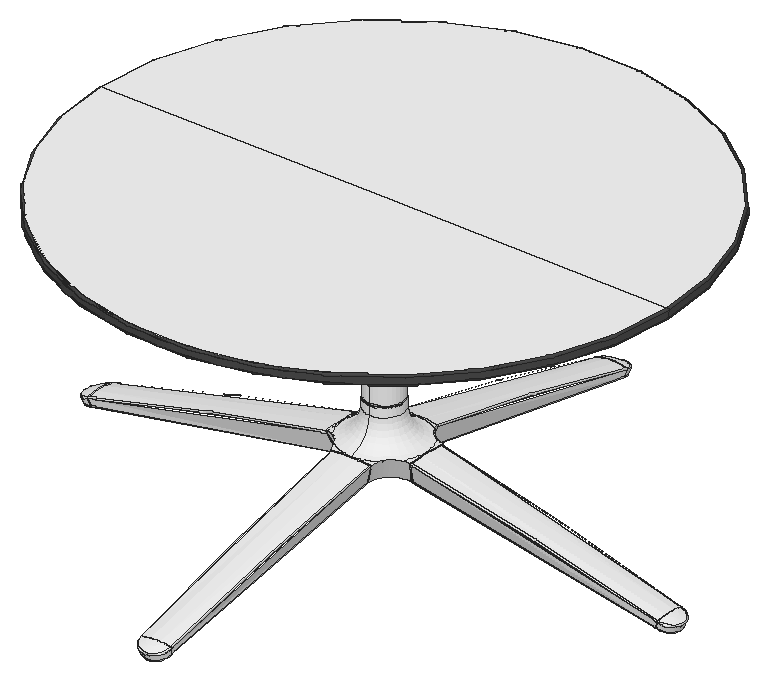
Revit family "BDG_BossDesign_Tbls_Axis1", category Furniture, Revit 2015
Parameters (values of type "800mm dia 400mm High Coffee White MFC")
  WorksurfaceArea = 0.00 m²
  WarrantyStartDate [instance] = "1900-12-31T23:59:59"
  WarrantyGuarantorParts = "sales@bossdesign.com"
  WarrantyGuarantorLabor = "sales@bossdesign.com"
  WarrantyDurationUnit = "year"
  WarrantyDurationParts = "5"
  WarrantyDurationLabor = "5"
  WarrantyDescription = "Structural Warranty Excludes Foams and Fabrics"
  Version = "1"
  Uniclass2015Version = "Products v1.6"
  Uniclass2015Reference = "Pr_40_50_21"
  Uniclass2015Description = "Desks, tables and worktops"
  Uniclass2 = "n/a"
  URL = "www.boss-design.co.uk"
  TagNumber [instance] = "n/a"
  TableTopMaterial = BDG_Generic_MFC_White
  TableEdgeMaterial = BDG_Generic_MFC_Black
  SustainabilityPerformance = "100% Recyclable"
  Style = "n/a"
  Size = "800 x 800 x 400mm"
  Shape = "Circular"
  SerialNumber [instance] = "n/a"
  Revision = "n/a"
  ReplacementCost = "n/a"
  Radius = NominalLength / 2  # 400 mm
  ProductInformation = "www.bossdesign.com/product-list/axis/"
  NumberOfChairs = 0
  NominalWidth = 800 mm
  NominalLength = 800 mm
  NominalHeight = 400 mm
  Name = "Tables_Axis_BossDesign"
  NBSTypeID = "n/a"
  NBSReference = "45-35-86/327"
  NBSOfficeMasterTag = "n/a"
  NBSDescription = "Tables"
  ModelReference = "White MFC Axis 400mm High 800mm dia Table"
  ModelNumber = "AXT1"
  Model = ModelNumber  # "AXT1"
  Material = "Aluminium"
  ManufacturerURL = "www.boss-design.co.uk"
  ManufacturerName = "Boss Design"
  Manufacturer = "sales@bossdesign.com"
  MainColor = Color  # "n/a"
  Keynote = Uniclass2015Reference  # "Pr_40_50_21"
  InstallationDate [instance] = "1900-12-31T23:59:59"
  IfcExportType = "TABLE"
  IfcExportAs = "IfcFurnishingElementType"
  Grade = "n/a"
  Finish = "White MFC"
  Features = "Melamine Top"
  ExpectedLife = "5"
  DurationUnit = "year"
  Description = ModelReference  # "White MFC Axis 400mm High 800mm dia Table"
  ContactTelephoneNumber = "+44 (0) 1384 455570"  # constant formula
  Constituents = "n/a"
  Color = "n/a"
  CodePerformance = "ANSI BIFMA X5.1"
  Category = "Pr_40_50_21 Desks, tables and worktops"
  BarCode [instance] = "n/a"
  BIMObjectName = "BDG_BossDesign_Tables_Axis"
  Author = "BIMBox"  # constant formula
  AssetType = "Moveable"
  AssetIdentifier [instance] = "n/a"
  Assembly Code = "E2020200"
  AccessibilityPerformance = "n/a"
Types (11, lengths in mm): name | TableTopMaterial | TableEdgeMaterial | Size | Radius | NominalWidth | NominalLength | NominalHeight | ModelReference | ModelNumber | Model | Finish | Features | Description
  (no name) | BDG_Generic_MFC_White | BDG_Generic_MFC_Black | "800 x 800 x 400mm" | 400 | 800 | 800 | 400 | "White MFC Axis 400mm High 800mm dia Table" | "AXT1" | "AXT1" | "White MFC" | "Melamine Top" | "White MFC Axis 400mm High 800mm dia Table"
  800mm dia 400mm High Coffee White MFC | BDG_Generic_MFC_White | BDG_Generic_MFC_Black | "800 x 800 x 400mm" | 400 | 800 | 800 | 400 | "White MFC Axis 400mm High 800mm dia Table" | "AXT1" | "AXT1" | "White MFC" | "Melamine Top" | "White MFC Axis 400mm High 800mm dia Table"
  800mm dia 400mm High Coffee BAW Veneer | BDG_Generic_WoodVeneer_Walnut_BlackAmerican | BDG_Generic_WoodVeneer_Walnut_BlackAmerican | "800 x 800 x 400mm" | 400 | 800 | 800 | 400 | "Black American Walnut Veneer Axis 400mm High 800mm dia Table" | "AXT2" | "AXT2" | "Black American Walnut Veneer" | "Veneer Top" | "Black American Walnut Veneer Axis 400mm High 800mm dia Table"
  800mm dia 740mm High Meeting White MFC | BDG_Generic_MFC_White | BDG_Generic_MFC_Black | "800 x 800 x 740mm" | 400 | 800 | 800 | 740 | "White MFC Axis 740mm High 800mm dia Table" | "AXT5" | "AXT5" | "White MFC" | "Melamine Top" | "White MFC Axis 740mm High 800mm dia Table"
  800mm dia 740mm High Meeting BAW Veneer | BDG_Generic_WoodVeneer_Walnut_BlackAmerican | BDG_Generic_WoodVeneer_Walnut_BlackAmerican | "800 x 800 x 740mm" | 400 | 800 | 800 | 740 | "Black American Walnut Veneer Axis 740mm High 800mm dia Table" | "AXT6" | "AXT6" | "Black American Walnut Veneer" | "Veneer Top" | "Black American Walnut Veneer Axis 740mm High 800mm dia Table"
  800mm dia 950mm High Meeting White MFC | BDG_Generic_MFC_White | BDG_Generic_MFC_Black | "800 x 800 x 950mm" | 400 | 800 | 800 | 950 | "White MFC Axis 950mm High 800mm dia Table" | "AXT7" | "AXT7" | "White MFC" | "Melamine Top" | "White MFC Axis 950mm High 800mm dia Table"
  800mm dia 950mm High Meeting BAW Veneer | BDG_Generic_WoodVeneer_Walnut_BlackAmerican | BDG_Generic_WoodVeneer_Walnut_BlackAmerican | "800 x 800 x 950mm" | 400 | 800 | 800 | 950 | "Black American Walnut Veneer Axis 950mm High 800mm dia Table" | "AXT8" | "AXT8" | "Black American Walnut Veneer" | "Veneer Top" | "Black American Walnut Veneer Axis 950mm High 800mm dia Table"
  1000mm dia 400mm High Coffee White MFC | BDG_Generic_MFC_White | BDG_Generic_MFC_Black | "1000 x 1000 x 400mm" | 500 | 1000 | 1000 | 400 | "White MFC Axis 400mm High 1000mm dia Table" | "AXT9" | "AXT9" | "White MFC" | "Melamine Top" | "White MFC Axis 400mm High 1000mm dia Table"
  1000mm dia 400mm High Coffee BAW Veneer | BDG_Generic_WoodVeneer_Walnut_BlackAmerican | BDG_Generic_WoodVeneer_Walnut_BlackAmerican | "1000 x 1000 x 400mm" | 500 | 1000 | 1000 | 400 | "Black American Walnut Veneer Axis 400mm High 1000mm dia Table" | "AXT10" | "AXT10" | "Black American Walnut Veneer" | "Veneer Top" | "Black American Walnut Veneer Axis 400mm High 1000mm dia Table"
  1000mm dia 740mm High Meeting White MFC | BDG_Generic_MFC_White | BDG_Generic_MFC_Black | "1000 x 1000 x 740mm" | 500 | 1000 | 1000 | 740 | "White MFC Axis 740mm High 1000mm dia Table" | "AXT13" | "AXT13" | "White MFC" | "Melamine Top" | "White MFC Axis 740mm High 1000mm dia Table"
  1000mm dia 740mm High Meeting BAW Veneer | BDG_Generic_WoodVeneer_Walnut_BlackAmerican | BDG_Generic_WoodVeneer_Walnut_BlackAmerican | "1000 x 1000 x 740mm" | 500 | 1000 | 1000 | 740 | "Black American Walnut Veneer Axis 740mm High 1000mm dia Table" | "AXT14" | "AXT14" | "Black American Walnut Veneer" | "Veneer Top" | "Black American Walnut Veneer Axis 740mm High 1000mm dia Table"
Reference planes
  plane 1 "Center (Front/Back)": y = 0
  plane 2: z = 0
  plane 3 "Center (Left/Right)": x = 0
  plane 4 "r": through (-399.908, -1524, 14.826) normal (0.9629, 0, 0.2699)
  plane 5: z = 400
  plane 6: z = 374.9
  plane 7: z = 368.9
  plane 8: x = 400
Forms (mm)
  Revolve 1, solid, material "BDG_Generic_MFC_White" <- "TableTopMaterial"
    sketch origin (0, 0, -100) x (1, 0, 0) y (0, 0, 1)
      loop
        line (0, 500) -> (0, 474.9) -> (350.58, 474.9) -> (398.473, 486.841)
        arc (398.473, 486.841) -> (399.573, 487.555) -> (400, 488.795) r 2.014
        line (400, 488.795) -> (400, 497.529)
        arc (400, 497.529) -> (399.276, 499.276) -> (397.529, 500) r 2.471
        line (397.529, 500) -> (0, 500)
      axis (0, 500) -> (0, 474.9)
    angle from 0 to 360
  SweptBlend 2, solid, material "BDG_Generic_Metal_Aluminium_Polished"
    path origin (0, 0, 0) x (1, 0, 0) y (0, 0, 1)
      loop
        arc (-59, 98.83) -> (-230.882, 62.538) -> (-401.026, 18.814) r 4043.755
    profile origin (-59, 0, 98.83) x (0.18529, 0, -0.982684) y (0, -1, 0)
      loop
        arc (1.344, -26.614) -> (2.026, -27.692) -> (3.299, -27.793) r 1.427
        line (3.299, -27.793) -> (32.627, -15.944)
        arc (32.627, -15.944) -> (33.264, -15.429) -> (33.503, -14.646) r 1.4
        line (33.503, -14.646) -> (33.503, 14.646)
        arc (33.503, 14.646) -> (33.264, 15.429) -> (32.627, 15.944) r 1.4
        line (32.627, 15.944) -> (3.305, 27.791)
        arc (3.305, 27.791) -> (2.028, 27.689) -> (1.343, 26.607) r 1.433
        arc (1.343, 26.607) -> (0, -0.003) -> (1.344, -26.614) r 264.136
    end profile origin (-401.026, 0, 18.814) x (0.269871, 0, -0.962897) y (0, -1, 0)
      loop
        arc (2.543, -20.143) -> (3.14, -20.972) -> (4.142, -21.174) r 1.4
        line (4.142, -21.174) -> (12.854, -19.638)
        arc (12.854, -19.638) -> (13.684, -19.159) -> (14.011, -18.259) r 1.4
        line (14.011, -18.259) -> (14.011, 18.259)
        arc (14.011, 18.259) -> (13.684, 19.159) -> (12.854, 19.638) r 1.4
        line (12.854, 19.638) -> (4.142, 21.174)
        arc (4.142, 21.174) -> (3.14, 20.972) -> (2.543, 20.143) r 1.4
        arc (2.543, 20.143) -> (-0.001, 0) -> (2.543, -20.143) r 81.023
  Revolve 3, solid, material "BDG_Generic_Metal_Aluminium_Polished"
    sketch origin (-366.93, 0, -102.839) x (-0.269871, 0, 0.962897) y (0, -1, 0)
      loop
        line (126.329, 0) -> (112.33, 0) -> (112.33, -18.259)
        arc (112.33, -18.259) -> (112.658, -19.159) -> (113.487, -19.638) r 1.4
        line (113.487, -19.638) -> (122.2, -21.174)
        arc (122.2, -21.174) -> (123.202, -20.972) -> (123.799, -20.142) r 1.4
        arc (123.799, -20.142) -> (125.694, -10.15) -> (126.329, 0) r 81.439
      axis (112.33, 0) -> (126.329, 0)
    angle from 0 to 180
  Extrusion 4, solid, material "BDG_Rubber_Black"
    sketch origin (0, 0, 0) x (1, 0, 0) y (0, 1, 0)
      loop
        circle (-404.456, 0) r 10
      loop
        circle (404.456, 0) r 10
      loop
        circle (0, 404.456) r 10
      loop
        circle (0, -404.456) r 10
    from 0 to 8.755
  SweptBlend 5, solid, material "BDG_Generic_Metal_Aluminium_Polished"
    path origin (0, 0, 0) x (-1, 0, 0) y (0, 0, 1)
      loop
        arc (-59, 98.83) -> (-230.882, 62.538) -> (-401.026, 18.814) r 4043.755
    profile origin (59, 0, 98.83) x (0.18529, 0, 0.982684) y (0, -1, 0)
      loop
        arc (-1.344, -26.614) -> (0, -0.003) -> (-1.343, 26.607) r 264.136
        arc (-1.343, 26.607) -> (-2.028, 27.689) -> (-3.305, 27.791) r 1.433
        line (-3.305, 27.791) -> (-32.627, 15.944)
        arc (-32.627, 15.944) -> (-33.264, 15.429) -> (-33.503, 14.646) r 1.4
        line (-33.503, 14.646) -> (-33.503, -14.646)
        arc (-33.503, -14.646) -> (-33.264, -15.429) -> (-32.627, -15.944) r 1.4
        line (-32.627, -15.944) -> (-3.299, -27.793)
        arc (-3.299, -27.793) -> (-2.026, -27.692) -> (-1.344, -26.614) r 1.427
    end profile origin (401.026, 0, 18.814) x (0.269871, 0, 0.962897) y (0, -1, 0)
      loop
        arc (-2.543, -20.143) -> (0.001, 0) -> (-2.543, 20.143) r 81.023
        arc (-2.543, 20.143) -> (-3.14, 20.972) -> (-4.142, 21.174) r 1.4
        line (-4.142, 21.174) -> (-12.854, 19.638)
        arc (-12.854, 19.638) -> (-13.684, 19.159) -> (-14.011, 18.259) r 1.4
        line (-14.011, 18.259) -> (-14.011, -18.259)
        arc (-14.011, -18.259) -> (-13.684, -19.159) -> (-12.854, -19.638) r 1.4
        line (-12.854, -19.638) -> (-4.142, -21.174)
        arc (-4.142, -21.174) -> (-3.14, -20.972) -> (-2.543, -20.143) r 1.4
  Revolve 6, solid, material "BDG_Generic_Metal_Aluminium_Polished"
    sketch origin (366.93, 0, -102.839) x (0.269871, 0, 0.962897) y (0, 1, 0)
      loop
        arc (126.329, 0) -> (125.694, 10.15) -> (123.799, 20.142) r 81.439
        arc (123.799, 20.142) -> (123.202, 20.972) -> (122.2, 21.174) r 1.4
        line (122.2, 21.174) -> (113.487, 19.638)
        arc (113.487, 19.638) -> (112.658, 19.159) -> (112.33, 18.259) r 1.4
        line (112.33, 18.259) -> (112.33, 0) -> (126.329, 0)
      axis (112.33, 0) -> (126.329, 0)
    angle from 0 to 180
  Revolve 7, solid, material "BDG_Generic_Metal_Aluminium_Polished"
    sketch origin (0, 0, 0) x (0, 1, 0) y (0, 0, -1)
      loop
        line (0, -368.9) -> (0, -71.231)
        arc (0, -71.231) -> (-34.497, -68.52) -> (-68.833, -64.226) r 752.411
        line (-68.833, -64.226) -> (-74.754, -95.629)
        arc (-74.754, -95.629) -> (-66.294, -97.353) -> (-57.831, -99.065) r 5694.635
        arc (-57.831, -99.065) -> (-35.226, -112.403) -> (-25.755, -136.881) r 40
        line (-25.755, -136.881) -> (-25.332, -148.989)
        arc (-25.332, -148.989) -> (-24.965, -149.708) -> (-24.179, -149.89) r 0.955
        arc (-24.179, -149.89) -> (-24.756, -150.244) -> (-24.982, -150.882) r 1.014
        line (-24.982, -150.882) -> (-24.982, -368.9) -> (0, -368.9)
      axis (0, -64.226) -> (0, -368.9)
    angle from 0 to 360
  SweptBlend 8, solid, material "BDG_Generic_Metal_Aluminium_Polished"
    path origin (0, 0, 0) x (0, 1, 0) y (0, 0, -1)
      loop
        arc (-59, -98.83) -> (-230.882, -62.538) -> (-401.026, -18.814) r 4043.755
    profile origin (0, -59, 98.83) x (0, -0.18529, 0.982684) y (-1, 0, 0)
      loop
        arc (-1.344, -26.614) -> (0, -0.003) -> (-1.343, 26.607) r 264.136
        arc (-1.343, 26.607) -> (-2.028, 27.689) -> (-3.305, 27.791) r 1.433
        line (-3.305, 27.791) -> (-32.627, 15.944)
        arc (-32.627, 15.944) -> (-33.264, 15.429) -> (-33.503, 14.646) r 1.4
        line (-33.503, 14.646) -> (-33.503, -14.646)
        arc (-33.503, -14.646) -> (-33.264, -15.429) -> (-32.627, -15.944) r 1.4
        line (-32.627, -15.944) -> (-3.299, -27.793)
        arc (-3.299, -27.793) -> (-2.026, -27.692) -> (-1.344, -26.614) r 1.427
    end profile origin (0, -401.026, 18.814) x (0, -0.269871, 0.962897) y (-1, 0, 0)
      loop
        arc (-2.543, -20.143) -> (0.001, 0) -> (-2.543, 20.143) r 81.023
        arc (-2.543, 20.143) -> (-3.14, 20.972) -> (-4.142, 21.174) r 1.4
        line (-4.142, 21.174) -> (-12.854, 19.638)
        arc (-12.854, 19.638) -> (-13.684, 19.159) -> (-14.011, 18.259) r 1.4
        line (-14.011, 18.259) -> (-14.011, -18.259)
        arc (-14.011, -18.259) -> (-13.684, -19.159) -> (-12.854, -19.638) r 1.4
        line (-12.854, -19.638) -> (-4.142, -21.174)
        arc (-4.142, -21.174) -> (-3.14, -20.972) -> (-2.543, -20.143) r 1.4
  Revolve 9, solid, material "BDG_Generic_Metal_Aluminium_Polished"
    sketch origin (0, -366.93, -102.839) x (0, -0.269871, 0.962897) y (1, 0, 0)
      loop
        arc (126.329, 0) -> (125.694, 10.15) -> (123.799, 20.142) r 81.439
        arc (123.799, 20.142) -> (123.202, 20.972) -> (122.2, 21.174) r 1.4
        line (122.2, 21.174) -> (113.487, 19.638)
        arc (113.487, 19.638) -> (112.658, 19.159) -> (112.33, 18.259) r 1.4
        line (112.33, 18.259) -> (112.33, 0) -> (126.329, 0)
      axis (112.33, 0) -> (126.329, 0)
    angle from 0 to 180
  SweptBlend 10, solid, material "BDG_Generic_Metal_Aluminium_Polished"
    path origin (0, 0, 0) x (0, -1, 0) y (0, 0, 1)
      loop
        arc (-59, 98.83) -> (-230.882, 62.538) -> (-401.026, 18.814) r 4043.755
    profile origin (0, 59, 98.83) x (0, -0.18529, -0.982684) y (-1, 0, 0)
      loop
        arc (1.344, -26.614) -> (2.026, -27.692) -> (3.299, -27.793) r 1.427
        line (3.299, -27.793) -> (32.627, -15.944)
        arc (32.627, -15.944) -> (33.264, -15.429) -> (33.503, -14.646) r 1.4
        line (33.503, -14.646) -> (33.503, 14.646)
        arc (33.503, 14.646) -> (33.264, 15.429) -> (32.627, 15.944) r 1.4
        line (32.627, 15.944) -> (3.305, 27.791)
        arc (3.305, 27.791) -> (2.028, 27.689) -> (1.343, 26.607) r 1.433
        arc (1.343, 26.607) -> (0, -0.003) -> (1.344, -26.614) r 264.136
    end profile origin (0, 401.026, 18.814) x (0, -0.269871, -0.962897) y (-1, 0, 0)
      loop
        arc (2.543, -20.143) -> (3.14, -20.972) -> (4.142, -21.174) r 1.4
        line (4.142, -21.174) -> (12.854, -19.638)
        arc (12.854, -19.638) -> (13.684, -19.159) -> (14.011, -18.259) r 1.4
        line (14.011, -18.259) -> (14.011, 18.259)
        arc (14.011, 18.259) -> (13.684, 19.159) -> (12.854, 19.638) r 1.4
        line (12.854, 19.638) -> (4.142, 21.174)
        arc (4.142, 21.174) -> (3.14, 20.972) -> (2.543, 20.143) r 1.4
        arc (2.543, 20.143) -> (-0.001, 0) -> (2.543, -20.143) r 81.023
  Revolve 11, solid, material "BDG_Generic_Metal_Aluminium_Polished"
    sketch origin (0, 366.93, -102.839) x (0, 0.269871, 0.962897) y (-1, 0, 0)
      loop
        line (126.329, 0) -> (112.33, 0) -> (112.33, -18.259)
        arc (112.33, -18.259) -> (112.658, -19.159) -> (113.487, -19.638) r 1.4
        line (113.487, -19.638) -> (122.2, -21.174)
        arc (122.2, -21.174) -> (123.202, -20.972) -> (123.799, -20.142) r 1.4
        arc (123.799, -20.142) -> (125.694, -10.15) -> (126.329, 0) r 81.439
      axis (112.33, 0) -> (126.329, 0)
    angle from 0 to 180
  Blend 12, void
    base sketch origin (0, 0, 0) x (1, 0, 0) y (0, 1, 0)
      loop
        line (-96.976, -14.325) -> (-14.325, -96.976) -> (-14.325, -47.109)
        arc (-14.325, -47.109) -> (-23.927, -23.927) -> (-47.109, -14.325) r 32.783
        line (-47.109, -14.325) -> (-96.976, -14.325)
    top sketch origin (0, 0, 0) x (1, 0, 0) y (0, 1, 0)
      loop
        line (-81.195, -30.106) -> (-30.106, -81.195) -> (-30.106, -60.607)
        arc (-30.106, -60.607) -> (-39.039, -39.039) -> (-60.607, -30.106) r 30.502
        line (-60.607, -30.106) -> (-81.195, -30.106)
    from 63.47 to 100.447
  Extrusion 13, solid
    sketch origin (0, 0, 0) x (1, 0, 0) y (0, 1, 0)
      loop
        arc (-96, 106) -> (-103.071, 103.071) -> (-106, 96) r 10
        line (-106, 96) -> (-106, -96)
        arc (-106, -96) -> (-103.071, -103.071) -> (-96, -106) r 10
        line (-96, -106) -> (96, -106)
        arc (96, -106) -> (103.071, -103.071) -> (106, -96) r 10
        line (106, -96) -> (106, 96)
        arc (106, 96) -> (103.071, 103.071) -> (96, 106) r 10
        line (96, 106) -> (-96, 106)
    from 368.9 to 374.9
  Blend 14, void
    base sketch origin (0, 0, 0) x (-1, 0, 0) y (0, -1, 0)
      loop
        line (-96.976, 14.325) -> (-47.109, 14.325)
        arc (-47.109, 14.325) -> (-23.927, 23.927) -> (-14.325, 47.109) r 32.783
        line (-14.325, 47.109) -> (-14.325, 96.976) -> (-96.976, 14.325)
    top sketch origin (0, 0, 0) x (-1, 0, 0) y (0, -1, 0)
      loop
        line (-81.195, 30.106) -> (-60.607, 30.106)
        arc (-60.607, 30.106) -> (-39.039, 39.039) -> (-30.106, 60.607) r 30.502
        line (-30.106, 60.607) -> (-30.106, 81.195) -> (-81.195, 30.106)
    from 63.47 to 100.447
  Blend 15, void
    base sketch origin (0, 0, 0) x (1, 0, 0) y (0, 1, 0)
      loop
        line (-96.976, 14.325) -> (-47.109, 14.325)
        arc (-47.109, 14.325) -> (-23.927, 23.927) -> (-14.325, 47.109) r 32.783
        line (-14.325, 47.109) -> (-14.325, 96.976) -> (-96.976, 14.325)
    top sketch origin (0, 0, 0) x (1, 0, 0) y (0, 1, 0)
      loop
        line (-81.195, 30.106) -> (-60.607, 30.106)
        arc (-60.607, 30.106) -> (-39.039, 39.039) -> (-30.106, 60.607) r 30.502
        line (-30.106, 60.607) -> (-30.106, 81.195) -> (-81.195, 30.106)
    from 63.47 to 100.447
  Blend 16, void
    base sketch origin (0, 0, 0) x (-1, 0, 0) y (0, -1, 0)
      loop
        line (-96.976, -14.325) -> (-14.325, -96.976) -> (-14.325, -47.109)
        arc (-14.325, -47.109) -> (-23.927, -23.927) -> (-47.109, -14.325) r 32.783
        line (-47.109, -14.325) -> (-96.976, -14.325)
    top sketch origin (0, 0, 0) x (-1, 0, 0) y (0, -1, 0)
      loop
        line (-81.195, -30.106) -> (-30.106, -81.195) -> (-30.106, -60.607)
        arc (-30.106, -60.607) -> (-39.039, -39.039) -> (-60.607, -30.106) r 30.502
        line (-60.607, -30.106) -> (-81.195, -30.106)
    from 63.47 to 100.447
  Extrusion 17, void
    sketch origin (0, 0, 0) x (0, 1, 0) y (0, 0, 1)
      loop
        line (60.332, 105.682) -> (51.745, 61.509) -> (72.885, 57.399) -> (81.471, 101.573) -> (60.332, 105.682)
      loop
        line (-60.332, 105.682) -> (-81.471, 101.573) -> (-72.885, 57.399) -> (-51.745, 61.509) -> (-60.332, 105.682)
    from -35.073 to 42.142
  Extrusion 18, void
    sketch origin (0, 0, 0) x (1, 0, 0) y (0, 0, -1)
      loop
        line (60.332, -105.682) -> (81.471, -101.573) -> (72.885, -57.399) -> (51.745, -61.509) -> (60.332, -105.682)
      loop
        line (-60.332, -105.682) -> (-51.745, -61.509) -> (-72.885, -57.399) -> (-81.471, -101.573) -> (-60.332, -105.682)
    from -35.073 to 40
Cuts and joins
  Blend 12, Blend 14, Blend 15, Blend 16, Extrusion 17, Extrusion 18 cuts Revolve 7
  Blend 14 cuts SweptBlend 2
  Blend 15, Extrusion 18 cuts SweptBlend 8
  Extrusion 18 cuts SweptBlend 10
Dimensions and locks
  plane 5 to plane 6 to plane 7 = 25.1 mm locked, 6 mm locked
  locked: Revolve 7 sketch curve to level at 138.277
  locked: plane 1 "Center (Front/Back)" to Revolve 7 sketch curve at 65.73
  "NominalHeight": plane 5 to level
  locked: plane 1 "Center (Front/Back)" to Revolve 7 sketch curve at 24.982
  Revolve 1 sketch curve to Revolve 1 sketch curve to Revolve 1 sketch curve to plane 8 = 46.949 mm locked, 0.457 mm locked, 2.014 mm locked
  "Radius": plane 3 "Center (Left/Right)" to plane 8
  aligned and locked: level to plane 2
  aligned and locked: Extrusion 13 to plane 6
  aligned and locked: plane 7 to Extrusion 13
  aligned and locked: Revolve 1 sketch curve to plane 8
Automatic sketch dimensions
  SweptBlend 2 sketch curve to plane 4 "r" = 0 mm
  plane 4 "r" to SweptBlend 2 sketch curve = 0 mm
  plane 3 "Center (Left/Right)" to SweptBlend 2 sketch curve = 690.265 mm
  SweptBlend 2 sketch curve to plane 3 "Center (Left/Right)" = 59 mm
  level to SweptBlend 2 sketch curve = 18.814 mm
  SweptBlend 2 sketch curve to plane 1 "Center (Front/Back)" = 0 mm  (x2)
  SweptBlend 2 sketch curve to profile plane = 2.764 mm
  SweptBlend 2 sketch curve to profile plane = 2.768 mm
  SweptBlend 2 sketch curve to SweptBlend 2 sketch curve = 0.535 mm
  SweptBlend 2 sketch curve to SweptBlend 2 sketch curve = 0.537 mm
  SweptBlend 2 sketch curve to plane 1 "Center (Front/Back)" = 14.646 mm
  SweptBlend 2 sketch curve to SweptBlend 2 sketch curve = 29.339 mm
  SweptBlend 2 sketch curve to SweptBlend 2 sketch curve = 0 mm  (x3)
  SweptBlend 2 sketch curve to plane 1 "Center (Front/Back)" = 15.944 mm
  SweptBlend 2 sketch curve to SweptBlend 2 sketch curve = 0.524 mm  (x2)
  plane 1 "Center (Front/Back)" to SweptBlend 2 sketch curve = 15.944 mm
  SweptBlend 2 sketch curve to SweptBlend 2 sketch curve = 230.633 mm
  SweptBlend 2 sketch curve to plane 1 "Center (Front/Back)" = 26.47 mm
  SweptBlend 2 sketch curve to SweptBlend 2 sketch curve = 1.323 mm
  plane 1 "Center (Front/Back)" to SweptBlend 2 sketch curve = 26.463 mm
  SweptBlend 2 sketch curve to SweptBlend 2 sketch curve = 1.328 mm
  SweptBlend 2 sketch curve to profile plane = 3.899 mm  (x2)
  SweptBlend 2 sketch curve to SweptBlend 2 sketch curve = 0.243 mm  (x4)
  SweptBlend 2 sketch curve to SweptBlend 2 sketch curve = 8.712 mm  (x2)
  SweptBlend 2 sketch curve to SweptBlend 2 sketch curve = 1.4 mm
  SweptBlend 2 sketch curve to SweptBlend 2 sketch curve = 67.011 mm
  SweptBlend 2 sketch curve to plane 1 "Center (Front/Back)" = 18.259 mm
  SweptBlend 2 sketch curve to SweptBlend 2 sketch curve = 1.536 mm  (x2)
  SweptBlend 2 sketch curve to SweptBlend 2 sketch curve = 1.379 mm  (x2)
  plane 1 "Center (Front/Back)" to SweptBlend 2 sketch curve = 18.259 mm
  plane 1 "Center (Front/Back)" to Revolve 3 sketch curve = 0 mm  (x2)
  Revolve 3 sketch curve to Revolve 3 sketch curve = 67.44 mm
  Revolve 3 sketch curve to plane 1 "Center (Front/Back)" = 19.638 mm
  Revolve 3 sketch curve to Revolve 3 sketch curve = 1.157 mm
  Revolve 3 sketch curve to Revolve 3 sketch curve = 1.4 mm
  Revolve 3 sketch curve to plane 1 "Center (Front/Back)" = 21.174 mm
  Revolve 3 sketch curve to Revolve 3 sketch curve = 8.712 mm
  Revolve 3 sketch curve to Revolve 3 sketch curve = 0.243 mm
  Revolve 3 sketch curve to Revolve 3 sketch curve = 13.999 mm
  Revolve 3 sketch curve to Revolve 3 sketch curve = 1.379 mm
  Revolve 3 sketch curve to Revolve 3 sketch curve = 3.269 mm
  Revolve 3 sketch curve to Revolve 3 sketch curve = 2.96 mm
  plane 1 "Center (Front/Back)" to Extrusion 4 sketch curve = 0 mm  (x2)
  Extrusion 4 sketch curve to plane 3 "Center (Left/Right)" = 0 mm  (x2)
  Extrusion 4 sketch curve to plane 3 "Center (Left/Right)" = 404.456 mm
  plane 3 "Center (Left/Right)" to Extrusion 4 sketch curve = 404.456 mm
  plane 1 "Center (Front/Back)" to Extrusion 4 sketch curve = 404.456 mm
  Extrusion 4 sketch curve to plane 1 "Center (Front/Back)" = 404.456 mm
  plane 3 "Center (Left/Right)" to SweptBlend 5 sketch curve = 690.265 mm
  level to SweptBlend 5 sketch curve = 3874.903 mm
  SweptBlend 5 sketch curve to plane 3 "Center (Left/Right)" = 59 mm
  SweptBlend 5 sketch curve to level = 18.814 mm
  SweptBlend 5 sketch curve to SweptBlend 5 sketch curve = 342.026 mm
  SweptBlend 5 sketch curve to plane 1 "Center (Front/Back)" = 0 mm  (x2)
  profile plane to SweptBlend 5 sketch curve = 264.136 mm
  profile plane to SweptBlend 5 sketch curve = 33.503 mm
  plane 1 "Center (Front/Back)" to SweptBlend 5 sketch curve = 15.944 mm
  SweptBlend 5 sketch curve to SweptBlend 5 sketch curve = 0.876 mm  (x2)
  SweptBlend 5 sketch curve to plane 1 "Center (Front/Back)" = 15.944 mm
  SweptBlend 5 sketch curve to SweptBlend 5 sketch curve = 1.4 mm  (x3)
  profile plane to SweptBlend 5 sketch curve = 3.305 mm
  profile plane to SweptBlend 5 sketch curve = 3.299 mm
  SweptBlend 5 sketch curve to SweptBlend 5 sketch curve = 0.537 mm
  SweptBlend 5 sketch curve to SweptBlend 5 sketch curve = 0.535 mm
  SweptBlend 5 sketch curve to plane 1 "Center (Front/Back)" = 26.47 mm
  SweptBlend 5 sketch curve to SweptBlend 5 sketch curve = 1.323 mm
  plane 1 "Center (Front/Back)" to SweptBlend 5 sketch curve = 26.463 mm
  SweptBlend 5 sketch curve to SweptBlend 5 sketch curve = 1.328 mm
  SweptBlend 5 sketch curve to SweptBlend 5 sketch curve = 0 mm  (x2)
  profile plane to SweptBlend 5 sketch curve = 81.022 mm
  profile plane to SweptBlend 5 sketch curve = 14.011 mm
  SweptBlend 5 sketch curve to SweptBlend 5 sketch curve = 1.157 mm  (x2)
  SweptBlend 5 sketch curve to SweptBlend 5 sketch curve = 0.243 mm  (x3)
  profile plane to SweptBlend 5 sketch curve = 4.142 mm  (x2)
  SweptBlend 5 sketch curve to plane 1 "Center (Front/Back)" = 18.259 mm
  SweptBlend 5 sketch curve to SweptBlend 5 sketch curve = 1.536 mm  (x2)
  SweptBlend 5 sketch curve to SweptBlend 5 sketch curve = 1.379 mm  (x2)
  plane 1 "Center (Front/Back)" to SweptBlend 5 sketch curve = 18.259 mm
  plane 1 "Center (Front/Back)" to Revolve 6 sketch curve = 0 mm  (x2)
  Revolve 6 sketch curve to Revolve 6 sketch curve = 67.44 mm
  Revolve 6 sketch curve to plane 1 "Center (Front/Back)" = 19.638 mm
  Revolve 6 sketch curve to Revolve 6 sketch curve = 1.157 mm
  Revolve 6 sketch curve to Revolve 6 sketch curve = 1.4 mm
  Revolve 6 sketch curve to plane 1 "Center (Front/Back)" = 21.174 mm
  Revolve 6 sketch curve to Revolve 6 sketch curve = 8.712 mm
  Revolve 6 sketch curve to Revolve 6 sketch curve = 0.243 mm
  Revolve 6 sketch curve to Revolve 6 sketch curve = 13.999 mm
  Revolve 6 sketch curve to Revolve 6 sketch curve = 1.379 mm
  Revolve 6 sketch curve to Revolve 6 sketch curve = 3.269 mm
  Revolve 6 sketch curve to Revolve 6 sketch curve = 2.96 mm
  Revolve 7 sketch curve to plane 1 "Center (Front/Back)" = 0 mm  (x2)
  plane 7 to Revolve 7 sketch curve = 0 mm
  plane 1 "Center (Front/Back)" to Revolve 7 sketch curve = 68.833 mm
  Revolve 7 sketch curve to Revolve 7 sketch curve = 5.921 mm
  Revolve 7 sketch curve to Revolve 7 sketch curve = 0.772 mm
  Revolve 7 sketch curve to Revolve 7 sketch curve = 0.35 mm
  Revolve 7 sketch curve to Revolve 7 sketch curve = 0.954 mm
  Revolve 7 sketch curve to Revolve 7 sketch curve = 1.014 mm
  Revolve 7 sketch curve to plane 1 "Center (Front/Back)" = 41.685 mm
  Revolve 7 sketch curve to plane 1 "Center (Front/Back)" = 1066.761 mm
  Revolve 7 sketch curve to Revolve 7 sketch curve = 12.605 mm
  Revolve 7 sketch curve to Revolve 7 sketch curve = 1.893 mm
  Revolve 7 sketch curve to Revolve 7 sketch curve = 0.033 mm
  Revolve 7 sketch curve to Revolve 7 sketch curve = 12.108 mm
  Revolve 7 sketch curve to Revolve 7 sketch curve = 42.648 mm
  Revolve 7 sketch curve to Revolve 7 sketch curve = 65.65 mm
  Revolve 7 sketch curve to Revolve 7 sketch curve = 31.403 mm
  Revolve 7 sketch curve to Revolve 7 sketch curve = 4803.398 mm
  plane 5 to Revolve 7 sketch curve = 444.806 mm
  Revolve 7 sketch curve to Revolve 7 sketch curve = 35 mm
  SweptBlend 8 sketch curve to plane 1 "Center (Front/Back)" = 690.265 mm
  SweptBlend 8 sketch curve to level = 3874.903 mm
  plane 1 "Center (Front/Back)" to SweptBlend 8 sketch curve = 59 mm
  level to SweptBlend 8 sketch curve = 18.814 mm
  SweptBlend 8 sketch curve to SweptBlend 8 sketch curve = 342.026 mm
  SweptBlend 8 sketch curve to profile plane = 0 mm  (x2)
  profile plane to SweptBlend 8 sketch curve = 264.136 mm
  profile plane to SweptBlend 8 sketch curve = 33.503 mm
  profile plane to SweptBlend 8 sketch curve = 15.944 mm
  SweptBlend 8 sketch curve to SweptBlend 8 sketch curve = 0.876 mm  (x2)
  SweptBlend 8 sketch curve to profile plane = 15.944 mm
  SweptBlend 8 sketch curve to SweptBlend 8 sketch curve = 1.4 mm  (x4)
  profile plane to SweptBlend 8 sketch curve = 3.305 mm
  profile plane to SweptBlend 8 sketch curve = 3.299 mm
  SweptBlend 8 sketch curve to SweptBlend 8 sketch curve = 0.537 mm
  SweptBlend 8 sketch curve to SweptBlend 8 sketch curve = 0.535 mm
  SweptBlend 8 sketch curve to profile plane = 26.47 mm
  SweptBlend 8 sketch curve to SweptBlend 8 sketch curve = 1.323 mm
  profile plane to SweptBlend 8 sketch curve = 26.463 mm
  SweptBlend 8 sketch curve to SweptBlend 8 sketch curve = 1.328 mm
  SweptBlend 8 sketch curve to SweptBlend 8 sketch curve = 0 mm  (x2)
  profile plane to SweptBlend 8 sketch curve = 81.022 mm
  profile plane to SweptBlend 8 sketch curve = 14.011 mm
  SweptBlend 8 sketch curve to SweptBlend 8 sketch curve = 1.157 mm  (x2)
  profile plane to SweptBlend 8 sketch curve = 4.142 mm  (x2)
  SweptBlend 8 sketch curve to SweptBlend 8 sketch curve = 0.243 mm  (x2)
  SweptBlend 8 sketch curve to profile plane = 18.259 mm
  SweptBlend 8 sketch curve to SweptBlend 8 sketch curve = 1.536 mm  (x2)
  SweptBlend 8 sketch curve to SweptBlend 8 sketch curve = 1.379 mm  (x2)
  profile plane to SweptBlend 8 sketch curve = 18.259 mm
  Revolve 9 sketch curve to plane 3 "Center (Left/Right)" = 0 mm  (x2)
  Revolve 9 sketch curve to Revolve 9 sketch curve = 67.44 mm
  plane 3 "Center (Left/Right)" to Revolve 9 sketch curve = 19.638 mm
  Revolve 9 sketch curve to Revolve 9 sketch curve = 1.157 mm
  Revolve 9 sketch curve to Revolve 9 sketch curve = 0.243 mm  (x2)
  plane 3 "Center (Left/Right)" to Revolve 9 sketch curve = 21.174 mm
  Revolve 9 sketch curve to Revolve 9 sketch curve = 8.712 mm
  Revolve 9 sketch curve to Revolve 9 sketch curve = 13.999 mm
  Revolve 9 sketch curve to Revolve 9 sketch curve = 1.379 mm
  Revolve 9 sketch curve to Revolve 9 sketch curve = 3.269 mm
  Revolve 9 sketch curve to Revolve 9 sketch curve = 2.96 mm
  plane 1 "Center (Front/Back)" to SweptBlend 10 sketch curve = 690.265 mm
  SweptBlend 10 sketch curve to level = 3874.903 mm
  SweptBlend 10 sketch curve to plane 1 "Center (Front/Back)" = 59 mm
  level to SweptBlend 10 sketch curve = 18.814 mm
  SweptBlend 10 sketch curve to SweptBlend 10 sketch curve = 342.026 mm
  SweptBlend 10 sketch curve to profile plane = 0 mm  (x2)
  SweptBlend 10 sketch curve to profile plane = 2.764 mm
  SweptBlend 10 sketch curve to profile plane = 2.768 mm
  SweptBlend 10 sketch curve to SweptBlend 10 sketch curve = 0.535 mm
  SweptBlend 10 sketch curve to SweptBlend 10 sketch curve = 0.537 mm
  SweptBlend 10 sketch curve to profile plane = 14.646 mm
  SweptBlend 10 sketch curve to SweptBlend 10 sketch curve = 29.339 mm
  SweptBlend 10 sketch curve to SweptBlend 10 sketch curve = 0 mm  (x3)
  SweptBlend 10 sketch curve to profile plane = 15.944 mm
  SweptBlend 10 sketch curve to SweptBlend 10 sketch curve = 0.524 mm  (x2)
  profile plane to SweptBlend 10 sketch curve = 15.944 mm
  SweptBlend 10 sketch curve to SweptBlend 10 sketch curve = 230.633 mm
  SweptBlend 10 sketch curve to profile plane = 26.47 mm
  SweptBlend 10 sketch curve to SweptBlend 10 sketch curve = 1.323 mm
  profile plane to SweptBlend 10 sketch curve = 26.463 mm
  SweptBlend 10 sketch curve to SweptBlend 10 sketch curve = 1.328 mm
  SweptBlend 10 sketch curve to profile plane = 3.899 mm  (x2)
  SweptBlend 10 sketch curve to SweptBlend 10 sketch curve = 0.243 mm  (x4)
  SweptBlend 10 sketch curve to SweptBlend 10 sketch curve = 8.712 mm  (x2)
  SweptBlend 10 sketch curve to SweptBlend 10 sketch curve = 1.4 mm
  SweptBlend 10 sketch curve to SweptBlend 10 sketch curve = 67.011 mm
  SweptBlend 10 sketch curve to profile plane = 18.259 mm
  SweptBlend 10 sketch curve to SweptBlend 10 sketch curve = 1.536 mm  (x2)
  SweptBlend 10 sketch curve to SweptBlend 10 sketch curve = 1.379 mm  (x2)
  profile plane to SweptBlend 10 sketch curve = 18.259 mm
  Revolve 11 sketch curve to plane 3 "Center (Left/Right)" = 0 mm  (x2)
  Revolve 11 sketch curve to Revolve 11 sketch curve = 67.44 mm
  plane 3 "Center (Left/Right)" to Revolve 11 sketch curve = 19.638 mm
  Revolve 11 sketch curve to Revolve 11 sketch curve = 1.157 mm
  Revolve 11 sketch curve to Revolve 11 sketch curve = 0.243 mm  (x2)
  plane 3 "Center (Left/Right)" to Revolve 11 sketch curve = 21.174 mm
  Revolve 11 sketch curve to Revolve 11 sketch curve = 8.712 mm
  Revolve 11 sketch curve to Revolve 11 sketch curve = 13.999 mm
  Revolve 11 sketch curve to Revolve 11 sketch curve = 1.379 mm
  Revolve 11 sketch curve to Revolve 11 sketch curve = 3.269 mm
  Revolve 11 sketch curve to Revolve 11 sketch curve = 2.96 mm
  plane 1 "Center (Front/Back)" to Blend 12 sketch curve = 14.325 mm
  Blend 12 sketch curve to plane 3 "Center (Left/Right)" = 96.976 mm
  Blend 12 sketch curve to plane 3 "Center (Left/Right)" = 47.109 mm
  Blend 12 sketch curve to plane 3 "Center (Left/Right)" = 14.325 mm
  Blend 12 sketch curve to Blend 12 sketch curve = 49.867 mm
  plane 1 "Center (Front/Back)" to Blend 12 sketch curve = 30.106 mm
  Blend 12 sketch curve to plane 3 "Center (Left/Right)" = 81.195 mm
  Blend 12 sketch curve to Blend 12 sketch curve = 20.588 mm  (x2)
  Blend 12 sketch curve to plane 3 "Center (Left/Right)" = 30.106 mm
  Extrusion 13 sketch curve to plane 3 "Center (Left/Right)" = 106 mm
  Extrusion 13 sketch curve to Extrusion 13 sketch curve = 10 mm  (x3)
  plane 3 "Center (Left/Right)" to Extrusion 13 sketch curve = 96 mm  (x2)
  plane 1 "Center (Front/Back)" to Extrusion 13 sketch curve = 106 mm
  Extrusion 13 sketch curve to plane 1 "Center (Front/Back)" = 96 mm
  Blend 14 sketch curve to plane 1 "Center (Front/Back)" = 14.325 mm
  Blend 14 sketch curve to plane 3 "Center (Left/Right)" = 96.976 mm
  Blend 14 sketch curve to plane 3 "Center (Left/Right)" = 47.109 mm
  Blend 14 sketch curve to plane 3 "Center (Left/Right)" = 14.325 mm
  Blend 14 sketch curve to Blend 14 sketch curve = 49.867 mm
  Blend 14 sketch curve to plane 1 "Center (Front/Back)" = 30.106 mm
  Blend 14 sketch curve to plane 3 "Center (Left/Right)" = 81.195 mm
  Blend 14 sketch curve to Blend 14 sketch curve = 20.588 mm  (x2)
  Blend 14 sketch curve to plane 3 "Center (Left/Right)" = 30.106 mm
  plane 1 "Center (Front/Back)" to Blend 15 sketch curve = 14.325 mm
  plane 3 "Center (Left/Right)" to Blend 15 sketch curve = 96.976 mm
  plane 3 "Center (Left/Right)" to Blend 15 sketch curve = 47.109 mm
  plane 3 "Center (Left/Right)" to Blend 15 sketch curve = 14.325 mm
  Blend 15 sketch curve to Blend 15 sketch curve = 49.867 mm
  plane 1 "Center (Front/Back)" to Blend 15 sketch curve = 30.106 mm
  plane 3 "Center (Left/Right)" to Blend 15 sketch curve = 81.195 mm
  Blend 15 sketch curve to Blend 15 sketch curve = 20.588 mm  (x2)
  plane 3 "Center (Left/Right)" to Blend 15 sketch curve = 30.106 mm
  Blend 16 sketch curve to plane 1 "Center (Front/Back)" = 14.325 mm
  plane 3 "Center (Left/Right)" to Blend 16 sketch curve = 96.976 mm
  plane 3 "Center (Left/Right)" to Blend 16 sketch curve = 47.109 mm
  plane 3 "Center (Left/Right)" to Blend 16 sketch curve = 14.325 mm
  Blend 16 sketch curve to Blend 16 sketch curve = 49.867 mm
  Blend 16 sketch curve to plane 1 "Center (Front/Back)" = 30.106 mm
  plane 3 "Center (Left/Right)" to Blend 16 sketch curve = 81.195 mm
  Blend 16 sketch curve to Blend 16 sketch curve = 20.588 mm  (x2)
  plane 3 "Center (Left/Right)" to Blend 16 sketch curve = 30.106 mm
  plane 1 "Center (Front/Back)" to Extrusion 17 sketch curve = 81.471 mm
  Extrusion 17 sketch curve to Extrusion 17 sketch curve = 8.586 mm  (x2)
  Extrusion 17 sketch curve to Extrusion 17 sketch curve = 21.139 mm  (x2)
  Extrusion 17 sketch curve to plane 1 "Center (Front/Back)" = 51.745 mm
  level to Extrusion 17 sketch curve = 57.399 mm  (x2)
  Extrusion 17 sketch curve to Extrusion 17 sketch curve = 4.109 mm  (x2)
  Extrusion 18 sketch curve to plane 3 "Center (Left/Right)" = 81.471 mm
  Extrusion 18 sketch curve to Extrusion 18 sketch curve = 8.586 mm  (x2)
  Extrusion 18 sketch curve to Extrusion 18 sketch curve = 21.139 mm  (x2)
  plane 3 "Center (Left/Right)" to Extrusion 18 sketch curve = 51.745 mm
  level to Extrusion 18 sketch curve = 105.682 mm  (x2)
  Extrusion 18 sketch curve to Extrusion 18 sketch curve = 4.109 mm  (x2)
  Revolve 1 sketch curve to plane 3 "Center (Left/Right)" = 0 mm  (x2)
  Revolve 1 sketch curve to plane 6 = 0 mm
  Revolve 1 sketch curve to plane 5 = 0 mm
  plane 8 to Revolve 1 sketch curve = 1.527 mm
  Revolve 1 sketch curve to Revolve 1 sketch curve = 10.688 mm
  plane 7 to Revolve 1 sketch curve = 148.9 mm
  plane 5 to Revolve 1 sketch curve = 280 mm
  radius of Extrusion 4 sketch curve = 10 mm  (x4)
